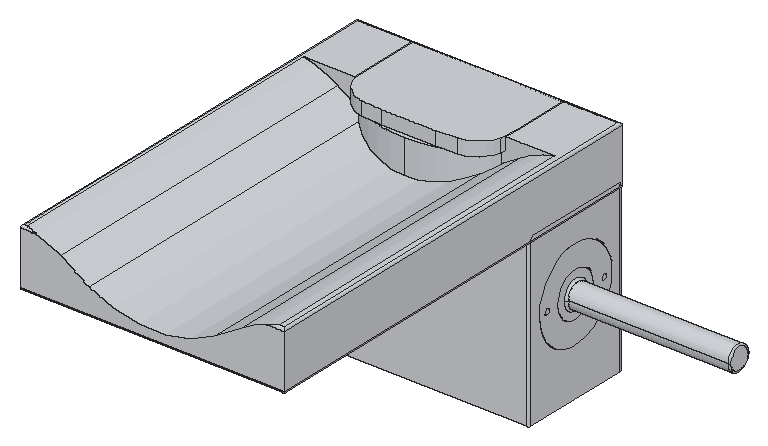
Revit family "Faucet-Lavatory-KOHLER-Beitou-K-99856M_1", category Plumbing Fixtures, host Face, Revit 2017
Family settings
  Host = Face
  Round Connector Dimension = Use Diameter
  Part Type = Normal
  OmniClass Number = 23.31.11.00
  OmniClass Title = Faucets
  Cut with Voids When Loaded = No
  Shared = No
  Room Calculation Point = No
Parameters (values of type "CP-Polished Chrome")
  Width = 4 17/128"  # constant formula
  WaterSense Certified = 1 = 0  # no
  Waste Water Outlet = "Waste Water Outlet"  # constant formula
  Waste Connection = 1 = 0  # no
  Vent Connection = 1 = 0  # no
  URL = "https://la.kohler.com/es?country=MX"
  Type = 1
  Spout Reach = 5 171/256"  # constant formula
  Product Page URL = "https://la.kohler.com/es/product-detail/99856m-4?skuid=K-99856M-4-CP"
  Product Name = "Beitou"  # constant formula
  Product Documentation Link = "http://resources.kohler.com/plumbing/kohlerla/pdf/99856T-4%20BEITOU%20Spec%20Sheet.pdf"
  Pressure = 0.00 psi
  Model = "K-99856M-4-CP"  # constant formula
  Material = "Premium Metal Construction"  # constant formula
  Master Format 2014 Name = "Residential Faucets, Supplies, and Trim"  # constant formula
  Master Format 2014 = "22 41 39"  # constant formula
  Manufacturer Address = "KOHLER Co. 444 Highland Dr. Kohler, WI 53044"  # constant formula
  Manufacturer = "KOHLER Co."  # constant formula
  Length = Spout Reach  # 5 171/256"
  Hot Water Inlet = "Hot Water Inlet"  # constant formula
  Height = 3 119/256"  # constant formula
  HW Connection = 1 = 1  # yes
  Flow Rate = 0 GPM
  Finish = Kohler-Metal-CP-Polished_Chrome
  Environmental Product Declaration = ""
  Drain Included = 1 = 0  # no
  Description = "Single-lever basin mixer"  # constant formula
  Default Elevation = 36"
  Declare Label = ""
  Date Modified = "05/20/2021"  # constant formula
  Date Created = "05/20/2021"  # constant formula
  Copyright = "Copyright KOHLER Co."  # constant formula
  Contact Us = "https://la.kohler.com/es/contact-us-page"
  Cold Water Inlet = "Cold Water Inlet"  # constant formula
  CW Connection = 1 = 1  # yes
  Assembly Code = "D2010"
  ADA Compliant = 1 = 0  # no
Reference planes (in)
  plane 1 "Center (Front/Back)": y = 0
  plane 2: z = 0
  plane 3 "Center (Left/Right)": x = 0
  plane 4: y = 0.9068344
  plane 5: x = -2.0669291
  plane 6: y = -0.9055118
  plane 7: x = -1.1023622
  plane 8: x = 0.6108658
  plane 9: x = 1.1023622
  plane 10: x = -0.6108658
  plane 11: y = -5.6679688
  plane 12: x = 2.0658834
  plane 13: x = 4.6259843
  plane 14: z = 1.4645669
  plane 15: z = 3.4648437
Dimensions and locks (in)
  "Width": plane 5 to plane 12
  "Spout Reach": plane 1 "Center (Front/Back)" to plane 11
  plane 4 to plane 11 = 6.5748"
  locked: plane 13 to plane 3 "Center (Left/Right)" at 4.6259843
  "Height": plane 15 to level
  aligned and locked: plane 2 to host face
  aligned and locked: level to host face
  aligned and locked: plane 3 "Center (Left/Right)" to nested 1
  aligned and locked: plane 1 "Center (Front/Back)" to nested 1
Automatic sketch dimensions
  host sketch curve to host sketch curve = 96"  (x2)
Nested families (in)
  nested 1: "K-99856M" at (0, 0, -7.2795276), type "K-99856M"
Connectors (in)
  piping at (-1.1023622, 0, 0), diameter 0.5, driven by "Flow Rate", driven by "HW Connection", driven by "Hot Water Inlet"
    settings: on nested 1, index 1, connector inside diameter 24", connector length 0", flow factor 0, pipe flow 0 GPM, pressure drop 0.00 psi, fitting loss kfactor 0, connector angle 0.00°, fixture units 0, engagement length 0", angle of deflection 0.00°, flow configuration 0, flow direction 1, fitting loss method 0, system type 19, joint type 0, gender type 0, connector reference index -1, connector utility 1, adjustable connector no, is connector primary yes, connector description "Hot Water Inlet"
  piping at (1.1023622, 0, 0), diameter 0.5, driven by "Flow Rate", driven by "CW Connection", driven by "Cold Water Inlet"
    settings: on nested 1, index 2, connector inside diameter 24", connector length 0", flow factor 0, pipe flow 0 GPM, pressure drop 0.00 psi, fitting loss kfactor 0, connector angle 0.00°, fixture units 0, engagement length 0", angle of deflection 0.00°, flow configuration 0, flow direction 1, fitting loss method 0, system type 20, joint type 0, gender type 0, connector reference index -1, connector utility 1, adjustable connector no, is connector primary no, connector description "Cold Water Inlet"
Definition of nested family "K-99856M"
  Parameters (values of type "K-99856IN")
    Material = none
  Reference planes (in)
    plane 1 "Center (Front/Back)": y = 0
    plane 2: z = 0
    plane 3 "Center (Left/Right)": x = 0
    plane 4: x = -2.0669291
    plane 5: x = 2.0669291
    plane 6: x = 4.6259843
    plane 7: z = 10.7440945
    plane 8: z = 8.7440945
    plane 9: y = -5.6692913
    plane 10: z = 7.2795276
    plane 11: x = -0.6108658
    plane 12: x = 0.6108658
    plane 13: x = -1.1023622
    plane 14: x = 1.1023622
    plane 15: y = 0.9055118
    plane 16: y = -0.9055118
  Forms (in)
    Sweep 1, solid, material <- "Material", detail levels medium+fine
      path origin (0, 0, 0) x (0, 1, 0) y (0, 0, 1)
        loop
          line (0.9055118, 7.2795276) -> (0.9055118, 9.9212598)
      profile origin (0, 0.9055118, 8.6003937) x (0, -1, 0) y (1, 0, 0)
        loop
          arc (0, -2.0275591) -> (0.0115312, -2.0553979) -> (0.0393701, -2.0669291) r 0.0393701
          line (0.0393701, -2.0669291) -> (1.7716535, -2.0669291)
          arc (1.7716535, -2.0669291) -> (1.7994924, -2.0553979) -> (1.8110236, -2.0275591) r 0.0393701
          line (1.8110236, -2.0275591) -> (1.8110236, 2.0275591)
          arc (1.8110236, 2.0275591) -> (1.7994924, 2.0553979) -> (1.7716535, 2.0669291) r 0.0393701
          line (1.7716535, 2.0669291) -> (0.0393701, 2.0669291)
          arc (0.0393701, 2.0669291) -> (0.0115312, 2.0553979) -> (0, 2.0275591) r 0.0393701
          line (0, 2.0275591) -> (0, -2.0275591)
    Sweep 2, solid, material <- "Material", detail levels medium+fine
      path origin (0, 0, 0) x (1, 0, 0) y (0, 1, 0)
        loop
          line (-2.0272385, 0.8659735) -> (-2.0272385, -5.6297874) -> (2.0272385, -5.6297874) -> (2.0272385, 0.8659735) -> (-2.0272385, 0.8659735)
      profile origin (2.0272385, -2.3819069, 0) x (1, 0, 0) y (0, 0, 1)
        loop
          line (-0.0307579, 10.7440945) -> (-0.0307579, 9.8421792) -> (0.0200009, 9.8421792)
          arc (0.0200009, 9.8421792) -> (0.0339236, 9.8479462) -> (0.0396906, 9.861869) r 0.0196898
          line (0.0396906, 9.861869) -> (0.0396906, 10.7047518)
          arc (0.0396906, 10.7047518) -> (0.0281674, 10.7325713) -> (0.0003479, 10.7440945) r 0.0393427
          line (0.0003479, 10.7440945) -> (-0.0307579, 10.7440945)
    Sweep 3, solid, material <- "Material", detail levels medium+fine
      path origin (0, 0, 0) x (0, 1, 0) y (0, 0, 1)
        loop
          circle (0.0006489, 8.740906) r 0.169298
      profile origin (0, 0.0006489, 8.9102041) x (0, 0, -1) y (1, 0, 0)
        loop
          line (0.0324208, 4.6259843) -> (0.0014478, 4.6259843)
          arc (0.0014478, 4.6259843) -> (-0.012907, 4.6200383) -> (-0.0188529, 4.6056835) r 0.0203007
          line (-0.0188529, 4.6056835) -> (-0.0188529, 2.1068724)
          arc (-0.0188529, 2.1068724) -> (-0.030552, 2.0786282) -> (-0.0587961, 2.0669291) r 0.0399432
          line (-0.0587961, 2.0669291) -> (0.0324208, 2.0669291) -> (0.0324208, 4.6259843)
    Extrusion 4, solid, material <- "Material", detail levels medium+fine
      sketch origin (0, 0, 0) x (0, 1, 0) y (0, 0, 1)
        loop
          circle (0.0006489, 8.740906) r 0.1368772
      from 2.0669291 to 4.6259843
    Extrusion 5, solid, material <- "Material", detail levels medium+fine
      sketch origin (-0.0298064, 0, 0) x (1, 0, 0) y (0, 1, 0)
        loop
          line (-1.9964806, 0.8352157) -> (-1.9964806, -5.5990295) -> (2.026287, -5.5990295) -> (2.026287, 0.8352157) -> (-1.9964806, 0.8352157)
      from 9.8421792 to 10.7440945
    Extrusion 6, void, detail levels medium+fine
      sketch origin (0, 0, -0.0544743) x (1, 0, 0) y (0, 0, 1)
        loop
          arc (-1.0037395, 10.3120449) -> (-0.0135896, 10.0485715) -> (0.9765602, 10.3120449) r 1.9922598
          arc (0.9765602, 10.3120449) -> (1.1970344, 10.444138) -> (1.4121499, 10.5847893) r 6.5420486
          arc (1.4121499, 10.5847893) -> (1.8035482, 10.7664441) -> (2.2326175, 10.8121686) r 1.3200005
          line (2.2326175, 10.8121686) -> (2.2326175, 11.0733099) -> (-2.3948685, 11.0733099) -> (-2.3948685, 10.7973172)
          arc (-2.3948685, 10.7973172) -> (-1.8966699, 10.7829033) -> (-1.4393292, 10.5847893) r 1.3200005
          arc (-1.4393292, 10.5847893) -> (-1.2242137, 10.444138) -> (-1.0037395, 10.3120449) r 6.5420486
      from 0.251129 to 6.1770874
    Extrusion 7, solid, material <- "Material", detail levels medium+fine
      sketch origin (0, 0, 0) x (1, 0, 0) y (0, 1, 0)
        loop
          arc (-1.1811024, 0) -> (-1.1803093, -0.0555895) -> (-1.1779309, -0.1111338) r 1.9487547
          arc (-1.1779309, -0.1111338) -> (-1.1678638, -0.2063706) -> (-1.1486662, -0.3001942) r 0.9926676
          arc (-1.1486662, -0.3001942) -> (-1.0019473, -0.5383407) -> (-0.7459164, -0.6509835) r 0.4700974
          arc (-0.7459164, -0.6509835) -> (-0.5834517, -0.6647108) -> (-0.4204724, -0.6692913) r 2.9017388
          line (-0.4204724, -0.6692913) -> (0.4204724, -0.6692913)
          arc (0.4204724, -0.6692913) -> (0.5841058, -0.6646739) -> (0.7472185, -0.6508363) r 2.9017388
          arc (0.7472185, -0.6508363) -> (1.0018802, -0.5388523) -> (1.1481485, -0.3022121) r 0.4685039
          arc (1.1481485, -0.3022121) -> (1.1572068, -0.2639337) -> (1.1647415, -0.2253265) r 0.9926676
          arc (1.1647415, -0.2253265) -> (1.1729905, -0.1684212) -> (1.1779309, -0.1111338) r 0.9926676
          arc (1.1779309, -0.1111338) -> (1.1803093, -0.0555895) -> (1.1811024, 0) r 1.9487547
          line (1.1811024, 0) -> (1.1811024, 0.8816998) -> (-1.1811024, 0.8816998) -> (-1.1811024, 0)
      from 10.5289738 to 10.7440945
    Extrusion 8, void, detail levels medium+fine
      sketch origin (0, 0, 0) x (1, 0, 0) y (0, 1, 0)
        loop
          line (-1.1850394, 0.8816998) -> (-1.1850394, -0.251129) -> (1.1850394, -0.251129) -> (1.1850394, 0.8816998) -> (-1.1850394, 0.8816998)
      from 10.5289738 to 10.7891431
    Extrusion 9, solid, material <- "Material", detail levels medium+fine
      sketch origin (0, 0, 0) x (1, 0, 0) y (0, 1, 0)
        loop
          spline (0, 0.4851303) -> (-0.2904072, 0.4642233) -> (-0.5610236, 0.4029269) -> (-0.7934072, 0.3054185) -> (-0.9717214, 0.1783431) -> (-1.0838144, 0.0303607) -> (-1.1220472, -0.1284441) -> (-1.0838144, -0.2872488) -> (-0.9717214, -0.4352313) -> (-0.7934072, -0.5623067) -> (-0.5610236, -0.6598151) -> (-0.2904072, -0.7211115) -> (0, -0.7420185)
          spline (0, -0.7420185) -> (0.2904072, -0.7211115) -> (0.5610236, -0.6598151) -> (0.7934072, -0.5623067) -> (0.9717214, -0.4352313) -> (1.0838144, -0.2872488) -> (1.1220472, -0.1284441) -> (1.0838144, 0.0303607) -> (0.9717214, 0.1783431) -> (0.7934072, 0.3054185) -> (0.5610236, 0.4029269) -> (0.2904072, 0.4642233) -> (0, 0.4851303)
      from 9.9212598 to 10.5289738
    Extrusion 10, void, detail levels medium+fine
      sketch origin (0, 0, 0) x (0, 1, 0) y (0, 0, 1)
        loop
          circle (-0.0005732, 8.741565) r 0.7199009
        loop
          circle (-0.0005732, 8.741565) r 0.3559253
        loop
          circle (-0.0005732, 8.741565) r 0.7120269
        loop
          circle (-0.0005732, 8.741565) r 0.3480513
      from 2.0576808 to 2.2396435
    Extrusion 11, solid, material <- "Material", detail levels medium+fine
      sketch origin (0, 0, 0) x (1, 0, 0) y (0, 1, 0)
        loop
          circle (-0.6108658, 0) r 0.0393701
        loop
          circle (0.6108658, 0) r 0.0393701
      from 7.2795276 to 7.3216678
    Extrusion 12, void
      sketch origin (0, 0, 0) x (0, 1, 0) y (0, 0, 1)
        loop
          circle (-0.557955, 8.7400852) r 0.0398
        loop
          circle (0.557955, 8.7400852) r 0.0398
      from 1.9141396 to 2.1727937
    Extrusion 13, solid, detail levels medium+fine
      sketch origin (0, 0, 0) x (0, 1, 0) y (0, 0, 1)
        loop
          circle (0.557955, 8.7400852) r 0.0398
      from 1.9141396 to 2.0669291
    Extrusion 14, solid, detail levels medium+fine
      sketch origin (0, 0, 0) x (0, 1, 0) y (0, 0, 1)
        loop
          circle (-0.557955, 8.7400852) r 0.0398
      from 1.9141396 to 2.0669291
    Extrusion 15, solid, material <- "Material", detail levels medium+fine
      sketch origin (0, 0, 0) x (1, 0, 0) y (0, 1, 0)
        loop
          circle (-1.1023622, 0) r 0.2362205
        loop
          circle (1.1023622, 0) r 0.2362205
      from 7.2795276 to 7.4143317
    Extrusion 16, solid, material <- "Material", detail levels coarse
      sketch origin (0, 0, 0) x (1, 0, 0) y (0, 0, 1)
        loop
          line (-2.0669291, 10.7440945) -> (-2.0669291, 7.2795276) -> (2.0669291, 7.2795276) -> (2.0669291, 10.7440945) -> (-2.0669291, 10.7440945)
      from -0.9055118 to 1.0168886
    Revolve 17, solid, material <- "Material", detail levels coarse
      sketch origin (0, 0, 0) x (1, 0, 0) y (0, 0, 1)
        loop
          line (4.6259843, 8.9690802) -> (1.6260551, 8.9690802) -> (1.6260551, 8.7440945) -> (4.6259843, 8.7440945) -> (4.6259843, 8.9690802)
        axis (1.6260551, 8.7440945) -> (4.6259843, 8.7440945)
      angle from 0 to 360
    Extrusion 18, solid, material <- "Material", detail levels coarse
      sketch origin (0, 0, 0) x (1, 0, 0) y (0, 0, 1)
        loop
          line (-2.0669291, 10.7440945) -> (-2.0669291, 9.8364588) -> (2.0669291, 9.8364588) -> (2.0669291, 10.7440945) -> (1.4636373, 10.7440945)
          arc (1.4636373, 10.7440945) -> (-0.0127407, 10.0532102) -> (-1.4891186, 10.7440945) r 1.9229073
          line (-1.4891186, 10.7440945) -> (-2.0669291, 10.7440945)
      from -0.9055118 to 5.669478
  Cuts and joins
    Extrusion 10, Extrusion 12 cuts Sweep 1
    Extrusion 12 cuts Sweep 3
    Extrusion 12 cuts Extrusion 4
    Extrusion 12 cuts Extrusion 11
    joined: Sweep 1, Sweep 3, Extrusion 4, Extrusion 7, Extrusion 9, Extrusion 11
    Extrusion 6, Extrusion 8 cuts Sweep 2
    Extrusion 6, Extrusion 8 cuts Extrusion 5
    joined: Sweep 2, Extrusion 5
    joined: Extrusion 16, Revolve 17, Extrusion 18
  Lines and regions (in)
    Masking region 1
      outline origin (0, 0, 0) x (1, 0, 0) y (0, 1, 0)
        loop
          arc (2.0287193, -5.6692913) -> (2.0557377, -5.6580999) -> (2.0669291, -5.6310815) r 0.0382098
          line (2.0669291, -5.6310815) -> (2.0669291, -0.2295886)
          arc (2.0669291, -0.2295886) -> (2.0788227, -0.2008749) -> (2.1075365, -0.1889813) r 0.0406073
          line (2.1075365, -0.1889813) -> (4.6049589, -0.1889813)
          arc (4.6049589, -0.1889813) -> (4.6198261, -0.1828231) -> (4.6259843, -0.1679559) r 0.0210254
          line (4.6259843, -0.1679559) -> (4.6259843, 0.1689122)
          arc (4.6259843, 0.1689122) -> (4.6201062, 0.1831032) -> (4.6059152, 0.1889813) r 0.0200691
          line (4.6059152, 0.1889813) -> (2.1080383, 0.1889813)
          arc (2.1080383, 0.1889813) -> (2.0789697, 0.2010219) -> (2.0669291, 0.2300904) r 0.0411092
          line (2.0669291, 0.2300904) -> (2.0669291, 0.8662628)
          arc (2.0669291, 0.8662628) -> (2.0554334, 0.894016) -> (2.0276801, 0.9055118) r 0.039249
          line (2.0276801, 0.9055118) -> (1.2235752, 0.9055118)
          arc (1.2235752, 0.9055118) -> (1.2010195, 0.898221) -> (1.1869987, 0.8791074) r 0.0385358
          arc (1.1869987, 0.8791074) -> (1.1794257, 0.897763) -> (1.1608426, 0.9055118) r 0.0261573
          line (1.1608426, 0.9055118) -> (-1.1608426, 0.9055118)
          arc (-1.1608426, 0.9055118) -> (-1.1794257, 0.897763) -> (-1.1869987, 0.8791074) r 0.0261573
          arc (-1.1869987, 0.8791074) -> (-1.2010195, 0.898221) -> (-1.2235752, 0.9055118) r 0.0385358
          line (-1.2235752, 0.9055118) -> (-2.0283935, 0.9055118)
          arc (-2.0283935, 0.9055118) -> (-2.0556423, 0.894225) -> (-2.0669291, 0.8669762) r 0.0385356
          line (-2.0669291, 0.8669762) -> (-2.0669291, -5.6295987)
          arc (-2.0669291, -5.6295987) -> (-2.0553034, -5.6576656) -> (-2.0272365, -5.6692913) r 0.0396927
          line (-2.0272365, -5.6692913) -> (2.0287193, -5.6692913)
    Masking region 2
      outline origin (0, 0, 0) x (0, 1, 0) y (0, 0, 1)
        loop
          line (0.9055118, 7.2795276) -> (0.9055118, 9.8181802)
          arc (0.9055118, 9.8181802) -> (0.8995361, 9.8326069) -> (0.8852902, 9.8385827) r 0.0204025
          arc (0.8852902, 9.8385827) -> (0.899589, 9.8445054) -> (0.9055118, 9.8588043) r 0.0202216
          line (0.9055118, 9.8588043) -> (0.9055118, 10.7029794)
          arc (0.9055118, 10.7029794) -> (0.8934695, 10.7320522) -> (0.8643967, 10.7440945) r 0.0411151
          line (0.8643967, 10.7440945) -> (-5.6292231, 10.7440945)
          arc (-5.6292231, 10.7440945) -> (-5.6575556, 10.7323588) -> (-5.6692913, 10.7040262) r 0.0400683
          line (-5.6692913, 10.7040262) -> (-5.6692913, 9.859204)
          arc (-5.6692913, 9.859204) -> (-5.6632515, 9.8446225) -> (-5.6486701, 9.8385827) r 0.0206213
          line (-5.6486701, 9.8385827) -> (-0.8858268, 9.8385827)
          arc (-0.8858268, 9.8385827) -> (-0.8997462, 9.8328171) -> (-0.9055118, 9.8188976) r 0.019685
          line (-0.9055118, 9.8188976) -> (-0.9055118, 7.2795276) -> (0.9055118, 7.2795276)
    Masking region 3
      outline origin (0, 0, 0) x (1, 0, 0) y (0, 0, 1)
        loop
          line (-2.0669291, 10.7058523) -> (-2.0669291, 9.8585933)
          arc (-2.0669291, 9.8585933) -> (-2.0610682, 9.8444437) -> (-2.0469185, 9.8385827) r 0.0200106
          arc (-2.0469185, 9.8385827) -> (-2.0610013, 9.8326548) -> (-2.0669291, 9.8183438) r 0.0202389
          line (-2.0669291, 9.8183438) -> (-2.0669291, 7.2795276) -> (2.0669291, 7.2795276) -> (2.0669291, 8.5124717)
          arc (2.0669291, 8.5124717) -> (2.0782944, 8.53991) -> (2.1057327, 8.5512753) r 0.0388036
          line (2.1057327, 8.5512753) -> (4.6058685, 8.5512753)
          arc (4.6058685, 8.5512753) -> (4.6200925, 8.5571671) -> (4.6259843, 8.5713911) r 0.0201158
          line (4.6259843, 8.5713911) -> (4.6259843, 8.9083523)
          arc (4.6259843, 8.9083523) -> (4.6199251, 8.9229804) -> (4.6052969, 8.9290396) r 0.0206874
          line (4.6052969, 8.9290396) -> (2.1069697, 8.9290396)
          arc (2.1069697, 8.9290396) -> (2.0786567, 8.9407672) -> (2.0669291, 8.9690802) r 0.0400406
          line (2.0669291, 8.9690802) -> (2.0669291, 9.8183438)
          arc (2.0669291, 9.8183438) -> (2.0610013, 9.8326548) -> (2.0466902, 9.8385827) r 0.0202389
          arc (2.0466902, 9.8385827) -> (2.0610682, 9.8444437) -> (2.0669291, 9.8585933) r 0.0200106
          line (2.0669291, 9.8585933) -> (2.0669291, 10.7047244)
          arc (2.0669291, 10.7047244) -> (2.0553979, 10.7325633) -> (2.0275591, 10.7440945) r 0.0393701
          line (2.0275591, 10.7440945) -> (1.3459446, 10.7440945) -> (-1.3096356, 10.7440945) -> (-2.028687, 10.7440945)
          arc (-2.028687, 10.7440945) -> (-2.0557283, 10.7328936) -> (-2.0669291, 10.7058523) r 0.0382422
    symbolic lines, detail levels medium+fine
      curve 1: line (2.0669291, 0.8662628, 0) -> (1.1848824, 0.8661417, 0)
      curve 2: line (2.0276801, 0.9055118, 0) -> (2.0287193, -5.6692913, 0)
      curve 3: line (-2.0669291, -5.6295987, 0) -> (2.0669291, -5.6310815, 0)
      curve 4: line (-2.0272365, 0.9055118, 0) -> (-2.0272365, -5.6692913, 0)
      curve 5: line (-1.1811024, 0, 0) -> (-1.1811024, 0.8661417, 0)
      curve 6: line (1.1811024, 0, 0) -> (1.1811024, 0.8661417, 0)
      curve 7: line (-1.1848824, 0.8661417, 0) -> (-2.0669201, 0.8661417, 0)
      curve 8: arc (-1.1869987, 0.8791074, 0) -> (-1.1853269, 0.8727248, 0) -> (-1.1848824, 0.8661417, 0) r 0.0350071
      curve 9: line (1.1811024, 0.8661417, 0) -> (-1.1811024, 0.8661417, 0)
      curve 10: arc (1.1869987, 0.8791074, 0) -> (1.1853269, 0.8727248, 0) -> (1.1848824, 0.8661417, 0) r 0.0350071
      curve 11: arc (-1.1811024, 0, 0) -> (-1.1803093, -0.0555895, 0) -> (-1.1779309, -0.1111338, 0) r 1.9487547
      curve 12: arc (-1.1779309, -0.1111338, 0) -> (-1.1678638, -0.2063706, 0) -> (-1.1486662, -0.3001942, 0) r 0.9926676
      curve 13: arc (-1.1486662, -0.3001942, 0) -> (-1.0019473, -0.5383407, 0) -> (-0.7459164, -0.6509835, 0) r 0.4700974
      curve 14: arc (-0.7459164, -0.6509835, 0) -> (-0.5834517, -0.6647108, 0) -> (-0.4204724, -0.6692913, 0) r 2.9017388
      curve 15: line (-0.4204724, -0.6692913, 0) -> (0.4204724, -0.6692913, 0)
      curve 16: arc (0.4204724, -0.6692913, 0) -> (0.5841058, -0.6646739, 0) -> (0.7472185, -0.6508363, 0) r 2.9017388
      curve 17: arc (0.7472185, -0.6508363, 0) -> (1.0018802, -0.5388523, 0) -> (1.1481485, -0.3022121, 0) r 0.4685039
      curve 18: arc (1.1481485, -0.3022121, 0) -> (1.1572068, -0.2639337, 0) -> (1.1647415, -0.2253265, 0) r 0.9926676
      curve 19: arc (1.1647415, -0.2253265, 0) -> (1.1729905, -0.1684212, 0) -> (1.1779309, -0.1111338, 0) r 0.9926676
      curve 20: arc (1.1779309, -0.1111338, 0) -> (1.1803093, -0.0555895, 0) -> (1.1811024, 0, 0) r 1.9487547
      curve 21: arc (-1.1295936, -0.2953224, 0) -> (-0.9890184, -0.5234967, 0) -> (-0.7437087, -0.6314227, 0) r 0.4504123
      curve 22: arc (-1.1582779, -0.1100112, 0) -> (-1.1484104, -0.2033594, 0) -> (-1.1295936, -0.2953224, 0) r 0.9729825
      curve 23: arc (-1.1614173, 0, 0) -> (-1.1606323, -0.055028, 0) -> (-1.1582779, -0.1100112, 0) r 1.9290697
      curve 24: arc (-0.7437087, -0.6314227, 0) -> (-0.5823461, -0.6450568, 0) -> (-0.4204724, -0.6496063, 0) r 2.8820538
      curve 25: line (-0.4204724, -0.6496063, 0) -> (0.4204724, -0.6496063, 0)
      curve 26: arc (0.4204724, -0.6496063, 0) -> (0.5829958, -0.6450202, 0) -> (0.7450019, -0.6312764, 0) r 2.8820538
      curve 27: arc (0.7450019, -0.6312764, 0) -> (0.9889635, -0.5239977, 0) -> (1.1290861, -0.2973004, 0) r 0.4488189
      curve 28: arc (1.1290861, -0.2973004, 0) -> (1.1379648, -0.259781, 0) -> (1.14535, -0.2219394, 0) r 0.9729825
      curve 29: arc (1.1582779, -0.1100112, 0) -> (1.1606323, -0.055028, 0) -> (1.1614173, 0, 0) r 1.9290697
      curve 30: arc (1.14535, -0.2219394, 0) -> (1.1534355, -0.1661626, 0) -> (1.1582779, -0.1100112, 0) r 0.9729825
      curve 31: line (-1.1614173, 0, 0) -> (-1.1614173, 0.8661417, 0)
      curve 32: line (1.1614173, 0, 0) -> (1.1614173, 0.8661417, 0)
      curve 33: arc (-0.4789141, -0.6687028, 0) -> (0, -0.7289998, 0) -> (0.4789141, -0.6687028, 0) r 1.9320565
      curve 34: line (2.0669291, 0.2300904, 0) -> (2.0669291, -0.2295886, 0)
      curve 35: line (2.1080383, -0.1889844, 0) -> (2.1080383, 0.1889813, 0)
      curve 36: line (4.6049589, 0.1889585, 0) -> (4.6049589, -0.1889813, 0)
      curve 37: line (0, -5.6299213, 9.8582681) -> (0, 0.8661417, 9.8582681)
      curve 38: line (0, -5.6299213, 10.7007851) -> (0, -5.6299213, 9.8582681)
      curve 39: line (0, 0.8661417, 10.7007849) -> (0, -5.6299213, 10.7007851)
      curve 40: line (0, 0.8661417, 10.7007849) -> (0, 0.8661417, 9.8181802)
      curve 41: line (0, 0.8661417, 9.8181802) -> (0, 0.8661417, 7.2795276)
      curve 42: line (0, 0.8661417, 9.8181802) -> (0, -0.8661417, 9.8181802)
      curve 43: line (0, -0.8661417, 7.2795276) -> (0, -0.8661417, 9.8385827)
      curve 44: line (0, -0.9055118, 9.8385827) -> (0, 0.8852902, 9.8385827)
      curve 45: line (0, 0.8661417, 9.8582681) -> (0, 0.9055118, 9.8582681)
      curve 46: line (0, 0.8661417, 9.8181802) -> (0, 0.9055118, 9.8181802)
      curve 47: line (0, -0.8661417, 9.8181802) -> (0, -0.9054987, 9.8181802)
      curve 48: line (0, 0.8661417, 10.7007849) -> (0, 0.8661417, 10.7440574)
      curve 49: line (0, 0.8661417, 10.7007849) -> (0, 0.9055118, 10.7007849)
      curve 50: line (0, -5.6299213, 10.7007851) -> (0, -5.6692913, 10.7007851)
      curve 51: line (0, -5.6299213, 10.7007851) -> (0, -5.6299213, 10.7440945)
      curve 52: line (0, -5.6299213, 9.8582681) -> (0, -5.6692913, 9.8582681)
      curve 53: line (0, -5.6299213, 9.872047) -> (0, -5.6299213, 9.8385827)
      curve 54: line (-2.027559, 0, 10.7007869) -> (-2.0275591, 0, 9.8385827)
      curve 55: line (-2.0490082, 0, 9.8385827) -> (2.048135, 0, 9.8385827)
      curve 56: line (2.0669265, 0, 9.8582677) -> (-2.0669265, 0, 9.8582677)
      curve 57: line (-2.0669216, 0, 9.8188976) -> (2.0669216, 0, 9.8188976)
      curve 58: line (2.0275591, 0, 10.7007869) -> (2.0275591, 0, 9.8385827)
      curve 59: line (2.0275591, 0, 9.8385827) -> (2.0275591, 0, 7.2795276)
      curve 60: line (-2.0275591, 0, 7.2795276) -> (-2.0275591, 0, 9.8385827)
      curve 61: line (4.6064501, 0, 8.9289677) -> (4.6064501, 0, 8.551369)
      curve 62: line (2.1058731, 0, 8.9291876) -> (2.1058731, 0, 8.5511548)
      curve 63: line (2.0669291, 0, 8.9690802) -> (2.0669291, 0, 8.5124717)
      curve 64: arc (-2.0431838, 0, 10.7412402) -> (-1.8499117, 0, 10.7136681) -> (-1.6654841, 0, 10.6496307) r 1.0157736
      curve 65: arc (-2.027559, 0, 10.7007869) -> (-1.8165597, 0, 10.6656566) -> (-1.619006, 0, 10.5836362) r 0.9379858
      curve 66: arc (-1.6654841, 0, 10.6496307) -> (-1.5107749, 0, 10.56992) -> (-1.3639142, 0, 10.4765354) r 1.9211122
      curve 67: arc (-1.3639142, 0, 10.4765354) -> (-1.165333, 0, 10.3431156) -> (-0.9615509, 0, 10.2177833) r 5.9524026
      curve 68: arc (-0.9615509, 0, 10.2177833) -> (-0.8231552, 0, 10.1462124) -> (-0.6778478, 0, 10.089985) r 1.4425518
      curve 69: arc (-1.619006, 0, 10.5836362) -> (-1.4191844, 0, 10.4662936) -> (-1.2250172, 0, 10.3398142) r 4.9975336
      curve 70: arc (-1.2250172, 0, 10.3398142) -> (-1.0755604, 0, 10.2428901) -> (-0.9214078, 0, 10.1536228) r 3.5327637
      curve 71: arc (-0.9214078, 0, 10.1536228) -> (-0.7601076, 0, 10.0775809) -> (-0.5909599, 0, 10.0211082) r 1.5082541
      curve 72: arc (2.0275591, 0, 10.7404089) -> (1.8423158, 0, 10.7117947) -> (1.6654841, 0, 10.6496307) r 1.0157736
      curve 73: arc (2.0669291, 0, 10.701957) -> (1.8355475, 0, 10.6708862) -> (1.619006, 0, 10.5836362) r 0.9379858
      curve 74: arc (1.6654841, 0, 10.6496307) -> (1.5107749, 0, 10.56992) -> (1.3639142, 0, 10.4765354) r 1.9211122
      curve 75: arc (1.3639142, 0, 10.4765354) -> (1.165333, 0, 10.3431156) -> (0.9615509, 0, 10.2177833) r 5.9524026
      curve 76: arc (0.9615509, 0, 10.2177833) -> (0.8231552, 0, 10.1462124) -> (0.6778478, 0, 10.089985) r 1.4425518
      curve 77: arc (1.619006, 0, 10.5836362) -> (1.4191844, 0, 10.4662936) -> (1.2250172, 0, 10.3398142) r 4.9975336
      curve 78: arc (1.2250172, 0, 10.3398142) -> (1.0755604, 0, 10.2428901) -> (0.9214078, 0, 10.1536228) r 3.5327637
      curve 79: arc (0.9214078, 0, 10.1536228) -> (0.7601076, 0, 10.0775809) -> (0.5909599, 0, 10.0211082) r 1.5082541
      curve 80: arc (-0.5909599, 0, 10.0211082) -> (-0.416242, 0, 9.9792089) -> (-0.2394712, 0, 9.9470528) r 3.242106
      curve 81: arc (0.5909599, 0, 10.0211082) -> (0.416242, 0, 9.9792089) -> (0.2394712, 0, 9.9470528) r 3.242106
      curve 82: arc (-0.2394712, 0, 9.9470528) -> (0, 0, 9.9287903) -> (0.2394712, 0, 9.9470528) r 1.579197
      curve 83: arc (-0.6778478, 0, 10.089985) -> (-0.5134181, 0, 10.0432708) -> (-0.3458907, 0, 10.0093017) r 2.2277261
      curve 84: arc (0.6778478, 0, 10.089985) -> (0.5134181, 0, 10.0432708) -> (0.3458907, 0, 10.0093017) r 2.2277261
      curve 85: arc (-0.3458907, 0, 10.0093017) -> (0, 0, 9.9812789) -> (0.3458907, 0, 10.0093017) r 2.1487063
      curve 86: line (2.0275591, 0, 10.7007869) -> (2.0275591, 0, 10.7440945)
      curve 87: circle (0, -0.0005732, 8.741565) r 0.7199009 normal (1, 0, 0)
      curve 88: circle (0, -0.0005732, 8.741565) r 0.7120269 normal (1, 0, 0)
      curve 89: circle (0, -0.0005732, 8.741565) r 0.3559253 normal (1, 0, 0)
      curve 90: circle (0, -0.0005732, 8.741565) r 0.3480513 normal (1, 0, 0)
      curve 91: circle (0, -0.0005732, 8.741565) r 0.186987 normal (1, 0, 0)
      curve 92: circle (0, 0.557955, 8.7400852) r 0.0398 normal (1, 0, 0)
      curve 93: circle (0, -0.557955, 8.7400852) r 0.0398 normal (1, 0, 0)
      curve 94: spline (0.9147692, 0, 10.345086) -> (0.8835992, 0, 10.2941374) -> (0.7922134, 0, 10.2466608) -> (0.6468395, 0, 10.2058918) -> (0.4573846, 0, 10.1746086) -> (0.2367597, 0, 10.1549431) -> (0, 0, 10.1482356) -> (-0.2367597, 0, 10.1549431) -> (-0.4573846, 0, 10.1746086) -> (-0.6468395, 0, 10.2058918) -> (-0.7922134, 0, 10.2466608) -> (-0.8835992, 0, 10.2941374) -> (-0.9147692, 0, 10.345086) -> (-0.8835992, 0, 10.3960346) -> (-0.7922134, 0, 10.4435112) -> (-0.6468395, 0, 10.4842803) -> (-0.4573846, 0, 10.5155635) -> (-0.2367597, 0, 10.5352289) -> (0, 0, 10.5419364) -> (0.2367597, 0, 10.5352289) -> (0.4573846, 0, 10.5155635) -> (0.6468395, 0, 10.4842803) -> (0.7922134, 0, 10.4435112) -> (0.8835992, 0, 10.3960346) -> (0.9147692, 0, 10.345086)
  Dimensions and locks (in)
    plane 1 "Center (Front/Back)" to plane 9 = 5.66929"
    plane 7 to plane 10 = 3.46457"  (x2)
    plane 5 to plane 4 = 4.13386"
    plane 6 to plane 3 "Center (Left/Right)" = 4.62598"
    plane 8 to plane 10 = 1.46457"
    locked: plane 10 to level at 7.2795276
    locked: plane 9 to plane 1 "Center (Front/Back)" at 5.6692913
    aligned and locked: plane 2 to level
